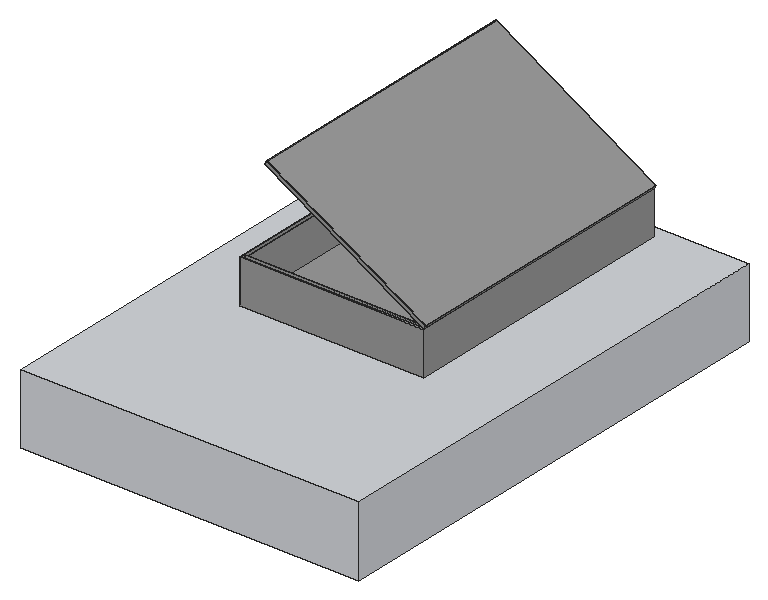
Revit family "Hager-Univers-IP54-D205-H1250-Cl.II-Encl-DE-de", category Equipement électrique, Revit 2020
Family settings
  Hôte = Face
  Configuration du panneau = Deux colonnes, circuits au sein
  Cote de connecteur circulaire = Utiliser le diamètre
  Type d'élément = Tableau de raccordement
  Couper avec des vides une fois chargée = Non
  Partagée = Non
  Point de calcul de pièce = Non
Parameters (values of type "Aufputz IP54 B800 H1250 T205  - FP83SW2")
  Width Control [instance] = if([EF000008 - Breite] > Min Width, [EF000008 - Breite], Min Width)  # 800 mm
  Commentaires du type = [HG000003 - Bereich]  # "Univers"
  Thickness Door [instance] = if([EF009171 - Materialstärke Tür/Deckel] > 3 mm, 3 mm, [EF009171 - Materialstärke Tür/Deckel])  # 1 mm
  Seal Frame Offset [instance] = 17 mm  # constant formula
  Plinth Visibility [instance] = [HG000027 - Sockelhöhe] > 0 mm  # no
  Model = ""
  Min Width [instance] = 100 mm  # constant formula
  Min Height [instance] = 100 mm  # constant formula
  Min Depth [instance] = (2 * [EF009170 - Materialstärke Gehäuse]) + 1 mm  # 3 mm
  Internal Frame Depth [instance] = (Door System Depth * 0.5)  # 9 mm
  Height Control [instance] = if([EF000040 - Höhe] > Min Height, [EF000040 - Höhe], Min Height)  # 1250 mm
  HG000027 - Sockelhöhe = 0 mm
  HG000026 - Stehend auf dem Boden = no
  HG000024 - Höhe des unteren Teils = 800 mm
  HG000023 - Gehäuse mit doppeltem Querschnitt = no
  HG000016 - 3D-Türsichtbarkeit [instance] = yes
  HG000015 - Sichtbarkeit der Türöffnung [instance] = no
  HG000014 - Tür rechts [instance] = yes
  HG000013 - Tür links [instance] = not([HG000014 - Tür rechts])  # no
  HG000012 - Türschwenkwinkel [instance] = 30.00°
  HG000010 - Asymmetrische Türen = no
  HG000009 - Doppelflügeligen Tür = no
  HG000006 - Unterputz = no
  HG000004 - Herstellerreferenz = "FP83SW2"
  HG000003 - Bereich = "Univers"
  HG000002 - Mit tür = yes
  Frame Offset Bottom [instance] = 10 mm  # constant formula
  Frame Offset [instance] = 15 mm  # constant formula
  EF015940 - Deckel mit Überdruckentlastung = no
  EF011959 - Schutzart (NEMA) = ""
  EF009554 - Anzahl der Öffnungen für Flanschplatten = 6
  Fabricant = "Hager"  # constant formula
  EF009212 - Ausführung Deckel = "EV000116 - geschlossen"
  EF009171 - Materialstärke Tür/Deckel = 1 mm
  EF009170 - Materialstärke Gehäuse = 1 mm
  EF008873 - Nennstrom (In) = 250 A
  EF007800 - Geeignet für Blitzschutz = no
  EF006306 - Mit Schloss = no
  EF006244 - Transparenter Deckel/Tür = no
  EF005474 - Schutzart (IP) = "EV006419 - IP54"
  EF004464 - Art der Tür = "EV002646 - Einzel"
  EF004427 - Anzahl der Module = 288
  EF004293 - Schlagfestigkeit = "EV006813 - IK07"
  EF003532 - Geeignet für Außengebrauch = no
  EF002950 - Breite in Teilungseinheiten = 36
  EF001613 - Funktionserhalt = "EV000494 - ohne"
  EF001596 - Werkstoff des Gehäuses = "EV000179 - Stahl"
  EF001131 - Innentiefe = 130 mm
  EF001088 - Anbaumöglichkeit = yes
  EF000437 - Anzahl der Leitungseinführungen = 6
  EF000339 - Art der Abdeckung = "EV004216 - Tür"
  EF000266 - Anzahl der Reihen = 8
  EF000218 - Einbautiefe = 205 mm
  EF000118 - Mit Montageplatte = no
  EF000116 - RAL-Nummer = "9010"
  EF000049 - Tiefe = 205 mm
  EF000040 - Höhe = 1250 mm
  EF000008 - Breite = 800 mm
  EF000007 - Farbe = "EV000202 - weiß"
  EF000003 - Montageart = "EV000384 - Aufputz"
  Door System Leaf Tolerance [instance] = 1.5 mm  # constant formula
  Door System Depth [instance] = 18 mm  # constant formula
  Door Height [instance] = Height Control - [HG000027 - Sockelhöhe]  # 1250 mm
  Depth Control [instance] = if([EF000049 - Tiefe] > Min Depth, [EF000049 - Tiefe], Min Depth)  # 205 mm
  Default Elevation = 0 mm
  Connector Offset [instance] = Height Control / 2  # 625 mm
  Bottom Top Plate Trim [instance] = 1.5 mm  # constant formula
  Plinth height Ctrl [instance] = if([HG000027 - Sockelhöhe] > 0 mm, [HG000027 - Sockelhöhe], 12 mm)  # 12 mm
Types (5, lengths in mm): name | Width Control | HG000010 - Asymmetrische Türen | HG000009 - Doppelflügeligen Tür | HG000004 - Herstellerreferenz | EF009554 - Anzahl der Öffnungen für Flanschplatten | EF004464 - Art der Tür | EF004427 - Anzahl der Module | EF004293 - Schlagfestigkeit | EF002950 - Breite in Teilungseinheiten | EF000437 - Anzahl der Leitungseinführungen | EF000008 - Breite
  Aufputz IP54 B1050 H1250 T205  - FP84SW2 | 1050 | no | yes | "FP84SW2" | 8 | "EV003602 - Doppel" | 384 | "EV006815 - IK09" | 48 | 8 | 1050
  Aufputz IP54 B1300 H1250 T205  - FP85SW2 | 1300 | yes | yes | "FP85SW2" | 10 | "EV003602 - Doppel" | 480 | "EV006815 - IK09" | 60 | 10 | 1300
  Aufputz IP54 B300 H1250 T205  - FP81SW2 | 300 | no | no | "FP81SW2" | 2 | "EV002646 - Einzel" | 96 | "EV006815 - IK09" | 12 | 2 | 300
  Aufputz IP54 B550 H1250 T205  - FP82SW2 | 550 | no | no | "FP82SW2" | 4 | "EV002646 - Einzel" | 192 | "EV006815 - IK09" | 24 | 4 | 550
  Aufputz IP54 B800 H1250 T205  - FP83SW2 | 800 | no | no | "FP83SW2" | 6 | "EV002646 - Einzel" | 288 | "EV006813 - IK07" | 36 | 6 | 800
Reference planes
  plane 1 "Center (Front/Back)": y = 0
  plane 2: z = 0
  plane 3 "Center (Left/Right)": x = 0
  plane 4: z = 205
  plane 5: y = 1
  plane 6: y = 625
  plane 7: y = 0
  plane 8: y = 1250
  plane 9: z = 0
  plane 10: x = -385
  plane 11: x = 385
  plane 12: x = 384
  plane 13: x = -384
  plane 14: y = 1249
  plane 15: x = -383
  plane 16: x = -400
  plane 17: x = 383
  plane 18: x = 400
  plane 19: x = 399
  plane 20: x = -399
  plane 21: y = 11
  plane 22: y = 1250
  plane 23: y = 1234
  plane 24: z = 187
  plane 25: z = 1
  plane 26: z = 186
  plane 27: z = 204
Forms (mm)
  Extrusion 1, solid
    sketch origin (0, 0, 0) x (1, 0, 0) y (0, 1, 0)
      loop
        line (-702.964, 1305) -> (-702.964, -811.445) -> (766.763, -811.445) -> (766.763, 1305) -> (-702.964, 1305)
    from 0 to -304.8
  Extrusion 2, solid, material "Hager_Steel_RAL7035_Light_Grey", visible <- "Plinth Visibility", detail levels medium+fine
    sketch origin (0, 0, 0) x (1, 0, 0) y (0, 1, 0)
      loop
        line (-400, 0) -> (400, 0) -> (400, 12) -> (-400, 12) -> (-400, 0)
    from 0 to 187
  Extrusion 3, solid, material "Hager_Steel_RAL7035_Light_Grey", detail levels medium+fine
    sketch origin (0, 0, 0) x (1, 0, 0) y (0, 1, 0)
      loop
        line (-400, 0) -> (400, 0) -> (400, 1250) -> (-400, 1250) -> (-400, 0)
    from 0 to 187
  Extrusion 4, void
    sketch origin (0, 0, 0) x (1, 0, 0) y (0, 1, 0)
      loop
        line (-399, 1) -> (399, 1) -> (399, 1249) -> (-399, 1249) -> (-399, 1)
    from 1 to 186
  Extrusion 5, void
    sketch origin (-381.607, -4572, 187) x (0, -1, 0) y (-1, 0, 0)
      loop
        line (-4583, 2.393) -> (-5806, 2.393) -> (-5806, -765.607) -> (-4583, -765.607) -> (-4583, 2.393)
    from 0 to 1 <- "EF009170 - Materialstärke Gehäuse"
  Extrusion 6, solid, material "Hager_Steel_RAL7035_Light_Grey", detail levels fine
    sketch origin (0, 0, 187) x (1, 0, 0) y (0, 1, 0)
      loop
        line (-384, 1234) -> (-384, 11) -> (384, 11) -> (384, 1234) -> (-384, 1234)
      loop
        line (-385, 10) -> (385, 10) -> (385, 1235) -> (-385, 1235) -> (-385, 10)
    from 0 to 9 <- "Internal Frame Depth"
  Extrusion 7, solid, material "Hager_Steel_RAL7035_Light_Grey", detail levels coarse
    sketch origin (0, 0, 0) x (1, 0, 0) y (0, 1, 0)
      loop
        line (-400, 0) -> (400, 0) -> (400, 1250) -> (-400, 1250) -> (-400, 0)
    from 0 to 205
  Sweep 8, void
    path in 3D
      loop
        line (-400, 12, 0) -> (400, 12, 0) -> (400, 12, 187) -> (-400, 12, 187) -> (-400, 12, 0)
    profile origin (-400, 12, 93.5) x (-1, 0, 0) y (0, -1, 0)
      loop
        line (0, 0) -> (0, 1.5) -> (-1.5, 1.5)
        arc (-1.5, 1.5) -> (-1.061, 0.439) -> (0, 0) r 1.5
Cuts and joins
  Extrusion 4, Extrusion 5 cuts Extrusion 3
  Sweep 8 cuts Extrusion 2
Lines and regions (mm)
  Masking region 1
    outline origin (0, 0, 0) x (1, 0, 0) y (0, 0, 1)
      loop
        line (-400, 205) -> (-400, 0) -> (400, 0) -> (400, 205) -> (-400, 205)
  Masking region 2, detail levels medium+fine
    outline origin (0, 140, 0) x (0, 1, 0) y (0, 0, 1)
      loop
        line (-140, 0) -> (1110, 0) -> (1110, 187) -> (-140, 187) -> (-140, 0)
  Masking region 3, not visible, detail levels medium+fine
    outline origin (0, 297.922, 0) x (0, 1, 0) y (0, 0, 1)
      loop
        line (338.578, 0) -> (378.578, 0) -> (378.578, 194)
        arc (378.578, 194) -> (375.649, 201.071) -> (368.578, 204) r 10
        line (368.578, 204) -> (338.578, 204) -> (338.578, 0)
  Masking region 4, detail levels coarse
    outline origin (0, 0, 180) x (0, 1, 0) y (0, 0, 1)
      loop
        line (0, -180) -> (1250, -180) -> (1250, 25) -> (0, 25) -> (0, -180)
  Masking region 5, visible <- "Plinth Visibility", detail levels medium+fine
    outline origin (0, 52.24, 12.345) x (0, 0, -1) y (0, 1, 0)
      loop
        line (10.845, -40.24) -> (-173.155, -40.24)
        arc (-173.155, -40.24) -> (-173.594, -41.301) -> (-174.655, -41.74) r 1.5
        line (-174.655, -41.74) -> (-174.655, -52.24) -> (12.345, -52.24) -> (12.345, -41.74)
        arc (12.345, -41.74) -> (11.285, -41.301) -> (10.845, -40.24) r 1.5
  Masking region 6, detail levels medium+fine
    outline origin (-381.607, -4572, 187) x (-1, 0, 0) y (0, -1, 0)
      loop
        line (18.393, -5822) -> (18.393, -4572) -> (-781.607, -4572) -> (-781.607, -5822) -> (18.393, -5822)
  Masking region 7, visible <- "Plinth Visibility", detail levels medium+fine
    outline origin (-381.607, -4727, 187) x (-1, 0, 0) y (0, -1, 0)
      loop
        arc (16.893, -4739) -> (17.332, -4737.939) -> (18.393, -4737.5) r 1.5
        line (18.393, -4737.5) -> (18.393, -4727) -> (-781.607, -4727) -> (-781.607, -4737.5)
        arc (-781.607, -4737.5) -> (-780.546, -4737.939) -> (-780.107, -4739) r 1.5
        line (-780.107, -4739) -> (16.893, -4739)
  Masking region 8, detail levels coarse
    outline origin (-442.548, -4669.526, 187) x (-1, 0, 0) y (0, -1, 0)
      loop
        line (-42.548, -5919.526) -> (-42.548, -4669.526) -> (-842.548, -4669.526) -> (-842.548, -5919.526) -> (-42.548, -5919.526)
  sketch lines
    curve 1: line (-400, 12, 187) -> (-400, 12, 0)
    curve 2: line (400, 12, 187) -> (-400, 12, 187)
    curve 3: line (400, 12, 187) -> (400, 12, 0)
    curve 4: line (-400, 12, 0) -> (400, 12, 0)
Dimensions and locks
  "Depth Control": plane 4 to Extrusion 1
  "HG000027 - Sockelhöhe": plane 1 "Center (Front/Back)" to plane 7
  "EF009170 - Materialstärke Gehäuse": plane 5 to plane 7
  locked: connector elem to plane 3 "Center (Left/Right)"
  equal spacing: plane 8, plane 6, plane 7
  locked: connector elem to plane 6
  "EF009170 - Materialstärke Gehäuse": plane 8 to plane 14
  "EF009170 - Materialstärke Gehäuse": plane 10 to plane 13
  "EF009170 - Materialstärke Gehäuse": plane 12 to plane 11
  "Frame Offset": plane 20 to plane 13
  "Frame Offset": plane 12 to plane 19
  "EF009170 - Materialstärke Gehäuse": plane 16 to plane 20
  "EF009170 - Materialstärke Gehäuse": plane 19 to plane 18
  "Seal Frame Offset": plane 16 to plane 15
  "Seal Frame Offset": plane 17 to plane 18
  "Frame Offset Bottom": plane 21 to plane 5
  "Frame Offset": plane 14 to plane 23
  equal spacing: plane 16, plane 3 "Center (Left/Right)", plane 18
  "Width Control": plane 16 to plane 18
  "EF009170 - Materialstärke Gehäuse": plane 4 to plane 27
  "EF009170 - Materialstärke Gehäuse": plane 24 to plane 26
  "EF009170 - Materialstärke Gehäuse": plane 25 to level
  "Door System Depth": plane 4 to plane 24
  "Height Control": plane 1 "Center (Front/Back)" to Extrusion 7 sketch curve
  "Height Control": Masking region 4 sketch curve to plane 1 "Center (Front/Back)"
  "Height Control": plane 1 "Center (Front/Back)" to plane 22
  "Bottom Top Plate Trim": profile plane to Sweep 8 sketch curve
  "Bottom Top Plate Trim": Sweep 8 sketch curve to profile plane
  "Plinth height Ctrl": plane 1 "Center (Front/Back)" to Extrusion 2 sketch curve
  "Plinth height Ctrl": Masking region 5 sketch curve to plane 1 "Center (Front/Back)"
  "Plinth height Ctrl": plane 1 "Center (Front/Back)" to Masking region 7 sketch curve
  "Thickness Door": Extrusion 6 sketch curve to Extrusion 6 sketch curve  (x3)
  "Thickness Door": cut or joined group of Extrusion 3, Extrusion 4, Extrusion 5 to Extrusion 6 sketch curve
  radius of Masking region 3 sketch curve = 10 mm
  "Bottom Top Plate Trim": radius of Masking region 5 sketch curve  (x2)
  "Bottom Top Plate Trim": radius of Sweep 8 sketch curve
  "Bottom Top Plate Trim": radius of Masking region 7 sketch curve  (x2)
  aligned and locked: plane 2 to Extrusion 1
  aligned and locked: level to Extrusion 1
  aligned and locked: level to Masking region 1 sketch curve
  aligned and locked: Masking region 1 sketch curve to plane 18
  aligned and locked: Masking region 1 sketch curve to plane 16
  aligned and locked: plane 7 to Masking region 2 sketch curve
  aligned and locked: level to Masking region 3 sketch curve
  aligned and locked: Masking region 3 sketch curve to plane 27
  aligned and locked: level to Masking region 2 sketch curve
  aligned and locked: plane 1 "Center (Front/Back)" to Extrusion 2 sketch curve
  aligned and locked: Extrusion 3 sketch curve to plane 7
  aligned and locked: plane 16 to Extrusion 3 sketch curve
  aligned and locked: plane 18 to Extrusion 3 sketch curve
  aligned and locked: plane 20 to Extrusion 4 sketch curve
  aligned and locked: plane 19 to Extrusion 4 sketch curve
  aligned and locked: Extrusion 4 sketch curve to plane 5
  aligned and locked: Extrusion 4 to plane 25
  aligned and locked: plane 26 to Extrusion 4
  aligned and locked: plane 24 to Extrusion 3
  aligned and locked: Extrusion 5 sketch curve to plane 21
  aligned and locked: Extrusion 5 sketch curve to plane 13
  aligned and locked: Extrusion 5 sketch curve to plane 12
  aligned and locked: plane 18 to Extrusion 7 sketch curve
  aligned and locked: plane 1 "Center (Front/Back)" to Extrusion 7 sketch curve
  aligned and locked: plane 16 to Extrusion 7 sketch curve
  aligned and locked: plane 4 to Extrusion 7
  aligned and locked: Extrusion 7 to level
  aligned and locked: level to Masking region 4 sketch curve
  aligned and locked: Masking region 4 sketch curve to plane 1 "Center (Front/Back)"
  aligned and locked: Masking region 4 sketch curve to plane 4
  aligned and locked: nested 1 to level
  aligned and locked: nested 1 to plane 16
  aligned and locked: plane 8 to Extrusion 3 sketch curve
  aligned and locked: plane 23 to Extrusion 5 sketch curve
  aligned and locked: plane 14 to Extrusion 4 sketch curve
  aligned and locked: Masking region 2 sketch curve to plane 8
  aligned and locked: level to Masking region 5 sketch curve
  aligned and locked: plane 16 to Extrusion 2 sketch curve
  aligned and locked: plane 18 to Extrusion 2 sketch curve
  aligned and locked: Masking region 5 sketch curve to plane 24
  aligned and locked: Masking region 2 sketch curve to plane 24
  aligned and locked: plane 24 to Extrusion 2
  aligned and locked: profile plane to Sweep 8 sketch curve  (x2)
  aligned and locked: Masking region 6 sketch curve to plane 18
  aligned and locked: Masking region 6 sketch curve to plane 22
  aligned and locked: Masking region 6 sketch curve to plane 16
  aligned and locked: plane 8 to plane 22
  aligned and locked: Masking region 6 sketch curve to plane 7
  aligned and locked: Masking region 7 sketch curve to plane 16
  aligned and locked: Masking region 7 sketch curve to plane 1 "Center (Front/Back)"
  aligned and locked: Masking region 7 sketch curve to plane 18
  aligned and locked: Masking region 8 sketch curve to plane 1 "Center (Front/Back)"
  aligned and locked: Masking region 8 sketch curve to plane 18
  aligned and locked: Masking region 8 sketch curve to plane 22
  aligned and locked: Masking region 8 sketch curve to plane 16
  aligned and locked: nested 2 to plane 7
  aligned and locked: plane 3 "Center (Left/Right)" to nested 2
  aligned and locked: nested 2 to plane 24
  aligned and locked: Extrusion 6 sketch curve to cut or joined group of Extrusion 3, Extrusion 4, Extrusion 5  (x4)
Automatic sketch dimensions
  Extrusion 1 sketch curve to Extrusion 1 sketch curve = 1469.727 mm
  Extrusion 1 sketch curve to Extrusion 1 sketch curve = 2116.445 mm
  Masking region 1 sketch curve to plane 4 = 0 mm
  plane 6 to Masking region 3 sketch curve = 11.5 mm
  Masking region 3 sketch curve to Masking region 3 sketch curve = 30 mm
  Masking region 5 sketch curve to plane 1 "Center (Front/Back)" = 0 mm
Nested families
  nested 1: "Hager_Enclosure_Symbol" at (-400, 0, 0) x (1, 0, 0) z (0, -1, 0), Height <- "Depth Control", Width <- "Width Control", type "Hager_Enclosure_Symbol"
    with Width_Ctrl 800 mm, Width 800 mm, Height_Ctrl 205 mm, Height 205 mm, A_Width_Int 13.453 mm, A_Width 161.438 mm, A_Height_Ctrl 179.375 mm, A_Height 179.375 mm
  nested 2: "EC000058_Univers_Door" at (0, 0, 187) x (1, 0, 0) z (0, 1, 0), Leaf_Tolerance <- "Door System Leaf Tolerance", Angle <- "HG000012 - Türschwenkwinkel", Door_Depth <- "Door System Depth", Door_Left <- "HG000013 - Tür links", Transparent <- "EF006244 - Transparenter Deckel/Tür", Assymetrical <- "HG000010 - Asymmetrische Türen", Width <- "Width Control", Clearance <- "HG000015 - Sichtbarkeit der Türöffnung", Double <- "HG000009 - Doppelflügeligen Tür", 3d_Door <- "HG000016 - 3D-Türsichtbarkeit", Lock_Visibility <- "EF006306 - Mit Schloss", Width_Ctrl <- "Width Control", Door_Right <- "HG000014 - Tür rechts", Door <- "HG000002 - Mit tür", Height <- "Door Height", Thickness <- "Thickness Door", type "EC000058_Univers_Door", detail levels medium+fine
    with min_wh 3 mm, Width_Ctrl 800 mm, Width 800 mm, Transparent no, Thickness 1 mm, Seal_Material Hager_Rubber, Lock_Visibility no, Lock_Material Hager_Plastic_RAL9005_Jet_Black, Leaf_Width 800 mm, Leaf_Tolerance_External_Sides 0 mm, Leaf_Tolerance 1.5 mm, Leaf_Offset 0 mm, Leaf_Height 1247 mm, Leaf_2_Width 800 mm, Leaf_2_Offset 400 mm, Leaf_1_Width 800 mm, Leaf_1_Offset 400 mm, Height_Ctrl 1250 mm, Height 1250 mm, Glass_Material Hager_Glass, Double_Clearance_Ctrl no, Double no, Door_Right_Ctrl yes, Door_Right yes, Door_Material Hager_Steel_RAL7035_Light_Grey, Door_Left_Ctrl no, Door_Left no, Door_Depth 18 mm, Door yes, Clearance_Material Hager_Clearance, Clearance_Depth 800 mm, Clearance_Ctrl no, Clearance no, Assymetrical no, Angle 30.00°, 3d_Door yes
Connectors
  electrical at (0, 625, 0)
    settings: on plane 9, index 1, voltage 0 V, apparent load 0 VA, apparent load phase1 0 VA, apparent load phase2 0 VA, apparent load phase3 0 VA, power factor 1, load classification "Other", number of poles 1, system type 30, power factor state 1, is connector primary yes, connector utility no, sub classification motor no, connector description ""
Definition of nested family "EC000058_Univers_Door"
  Parameters (values of type "EC000058_Univers_Door")
    min_wh [instance] = (2 * Thickness) + 1 mm  # 11 mm
    Width_Ctrl [instance] = 400 mm
    Width [instance] = 500 mm
    Transparent [instance] = yes
    Thickness [instance] = 5 mm
    Seal_Material [instance] = none
    Lock_Visibility [instance] = yes
    Lock_Material [instance] = none
    Leaf_Width [instance] = if((Width_Ctrl - 2 * Leaf_Tolerance_External_Sides) > 0 mm, (Width_Ctrl - 2 * Leaf_Tolerance_External_Sides), min_wh)  # 400 mm
    Leaf_Tolerance_External_Sides [instance] = 0 mm  # constant formula
    Leaf_Tolerance [instance] = 1.5 mm
    Leaf_Offset [instance] = 0 mm  # constant formula
    Leaf_Height [instance] = if((Height_Ctrl - 2 * Leaf_Tolerance) > 0 mm, (Height_Ctrl - 2 * Leaf_Tolerance), min_wh)  # 497 mm
    Leaf_2_Width [instance] = if(and(and(Double, Assymetrical), Door_Left), (Leaf_Width / 3) - (Leaf_Tolerance / 2), if(and(and(Double, Assymetrical), Door_Right), (Leaf_Width / 3) * 2 - (Leaf_Tolerance / 2), if(and(Double, not(Assymetrical)), (Leaf_Width / 2) - Leaf_Tolerance, Leaf_Width)))  # 400 mm
    Leaf_2_Offset [instance] = if(and(Double, Assymetrical), Leaf_2_Width / 2, if(and(Double, not(Assymetrical)), Leaf_Width / 4, Leaf_Width / 2))  # 200 mm
    Leaf_1_Width [instance] = if(and(and(Double, Assymetrical), Door_Right), (Leaf_Width / 3) - (Leaf_Tolerance / 2), if(and(and(Double, Assymetrical), Door_Left), (Width / 3) * 2 - (Leaf_Tolerance / 2), if(and(Double, not(Assymetrical)), (Leaf_Width / 2) - Leaf_Tolerance, Leaf_Width)))  # 400 mm
    Leaf_1_Offset [instance] = if(and(Double, Assymetrical), Leaf_1_Width / 2, if(and(Double, not(Assymetrical)), Leaf_Width / 4, Leaf_Width / 2))  # 200 mm
    Height_Ctrl [instance] = if(Height > min_wh, Height, min_wh)  # 500 mm
    Height [instance] = 500 mm
    Glass_Material [instance] = none
    Double_Clearance_Ctrl [instance] = and(Double, Clearance)  # no
    Double [instance] = no
    Door_Right_Ctrl [instance] = and(or(Door_Right, Double), Door)  # yes
    Door_Right [instance] = yes
    Door_Material [instance] = none
    Door_Left_Ctrl [instance] = and(or(Door_Left, Double), Door)  # no
    Door_Left [instance] = no
    Door_Depth [instance] = 30 mm
    Door [instance] = yes
    Default Elevation = 1219.2 mm
    Clearance_Material [instance] = none
    Clearance_Depth [instance] = if(Leaf_1_Width > Leaf_2_Width, Leaf_1_Width, Leaf_2_Width)  # 400 mm
    Clearance_Ctrl [instance] = and(not(Double), Clearance)  # yes
    Clearance [instance] = yes
    Assymetrical [instance] = yes
    Angle [instance] = 30.00°
    3d_Door [instance] = yes
  Reference planes
    plane 1 "Center (Front/Back)": y = 0
    plane 2 "Bottom": z = 0
    plane 3 "Center (Left/Right)": x = 0
    plane 4: z = 500
    plane 5: x = -200
    plane 6: x = 200
    plane 7: z = 500
    plane 8: x = -200
    plane 9: z = 0
    plane 10: x = 200
    plane 11: y = 0
    plane 12: z = 1.5
    plane 13: x = -600
    plane 14: y = -400
    plane 15: x = 600
    plane 16: x = 0
    plane 17: x = 0
    plane 18: x = -200
    plane 19: x = 200
    plane 20: z = 498.5
  Forms (mm)
    Extrusion 1, solid, material <- "Clearance_Material", visible <- "Double_Clearance_Ctrl"
      sketch origin (1200, 0, 0) x (1, 0, 0) y (0, 0, -1)
        loop
          line (-1800, -498.5) -> (-600, -498.5) -> (-600, 0) -> (-1800, 0) -> (-1800, -498.5)
      from 0 to -400
  Dimensions and locks
    equal spacing: plane 5, plane 3 "Center (Left/Right)", plane 6
    "Width_Ctrl": plane 5 to plane 6
    "Leaf_Offset": plane 5 to plane 8
    "Leaf_Offset": plane 6 to plane 10
    "Leaf_Offset": plane 9 to level
    "Leaf_Offset": plane 4 to plane 7
    "Height_Ctrl": plane 4 to level
    "Leaf_Tolerance": plane 12 to plane 9
    locked: plane 11 to plane 1 "Center (Front/Back)"
    "Leaf_1_Offset": plane 18 to plane 16
    "Leaf_2_Offset": plane 17 to plane 19
    "Leaf_1_Width": plane 13 to plane 8
    "Leaf_2_Width": plane 10 to plane 15
    "Clearance_Depth": plane 14 to plane 1 "Center (Front/Back)"
    "Leaf_Tolerance_External_Sides": plane 8 to plane 18
    "Leaf_Tolerance_External_Sides": plane 19 to plane 10
    "Leaf_Tolerance": plane 7 to plane 20
    aligned and locked: level to plane 2 "Bottom"
    aligned and locked: nested 1 to plane 16
    aligned and locked: nested 2 to plane 17
    aligned and locked: Extrusion 1 to plane 13
    aligned and locked: plane 15 to Extrusion 1
    aligned and locked: Extrusion 1 to plane 14
    aligned and locked: plane 12 to nested 1
    aligned and locked: nested 2 to plane 12
    aligned and locked: Extrusion 1 to plane 11
    aligned and locked: plane 20 to Extrusion 1
    aligned and locked: nested 2 to plane 11
    aligned and locked: nested 1 to plane 11
  Automatic sketch dimensions
    Extrusion 1 sketch curve to level = 0 mm
    plane 5 to Extrusion 1 sketch curve = 400 mm
    plane 6 to Extrusion 1 sketch curve = 400 mm
    Extrusion 1 sketch curve to plane 4 = 1.5 mm
  Nested families
    nested 1: "EC000058_Univers_Door_Leaf" at (0, 0, 1.5), Width <- "Leaf_1_Width", visible <- "Door_Left_Ctrl", Leaf_Height <- "Leaf_Height", Angle <- "Angle", 3d_Door <- "3d_Door", Transparent <- "Transparent", Clearance Material <- "Clearance_Material", Clearance <- "Clearance_Ctrl", Door_Material <- "Door_Material", Glass_Material <- "Glass_Material", Door_Depth <- "Door_Depth", Lock_Material <- "Lock_Material", Seal_Material <- "Seal_Material", Lock_Visibility <- "Lock_Visibility", Thickness <- "Thickness", type "EC000058_Univers_Door_Leaf"
      with Width 400 mm, Transparent_Glass_Offset 30 mm, Transparent_Ctrl yes, Transparent yes, Thickness 5 mm, Standard no, Seal_Material none, Seal_D2 8 mm, Seal_D1 1 mm, Offset_Internal_Frame 10 mm, Lock_Width 20 mm, Lock_Visibility_3d yes, Lock_Visibility yes, Lock_Thickness_3 3 mm, Lock_Thickness_2 1 mm, Lock_Thickness_1 3 mm, Lock_Radius_Offset_2 16 mm, Lock_Radius_Offset_1 15 mm, Lock_Radius_2 5 mm, Lock_Radius 6 mm, Lock_Offset 5 mm, Lock_Material none, Lock_Height 80 mm, Lock_Cover_Top_Offset_2d 17 mm, Lock_Cover_Height -65 mm, Leaf_Height 497 mm, Internal_Seal_Thickness 8 mm, Internal_Seal_Depth_2 4.5 mm, Internal_Frame_Depth 25 mm, Glass_Thickness -1 mm, Glass_Offset -2 mm, Glass_Material none, Door_Material none, Door_Depth 30 mm, Clearance Material none, Clearance yes, Angle_Ctrl 30.00°, Angle 30.00°, 3d_Door yes
    nested 2: "EC000058_Univers_Door_Leaf" at (0, 0, 1.5) x (-1, 0, 0) z (0, 0, 1), Width <- "Leaf_2_Width", visible <- "Door_Right_Ctrl", Leaf_Height <- "Leaf_Height", Angle <- "Angle", 3d_Door <- "3d_Door", Transparent <- "Transparent", Clearance Material <- "Clearance_Material", Clearance <- "Clearance_Ctrl", Door_Material <- "Door_Material", Glass_Material <- "Glass_Material", Door_Depth <- "Door_Depth", Lock_Material <- "Lock_Material", Seal_Material <- "Seal_Material", Lock_Visibility <- "Lock_Visibility", Thickness <- "Thickness", type "EC000058_Univers_Door_Leaf"
      with Width 400 mm, Transparent_Glass_Offset 30 mm, Transparent_Ctrl yes, Transparent yes, Thickness 5 mm, Standard no, Seal_Material none, Seal_D2 8 mm, Seal_D1 1 mm, Offset_Internal_Frame 10 mm, Lock_Width 20 mm, Lock_Visibility_3d yes, Lock_Visibility yes, Lock_Thickness_3 3 mm, Lock_Thickness_2 1 mm, Lock_Thickness_1 3 mm, Lock_Radius_Offset_2 16 mm, Lock_Radius_Offset_1 15 mm, Lock_Radius_2 5 mm, Lock_Radius 6 mm, Lock_Offset 5 mm, Lock_Material none, Lock_Height 80 mm, Lock_Cover_Top_Offset_2d 17 mm, Lock_Cover_Height -65 mm, Leaf_Height 497 mm, Internal_Seal_Thickness 8 mm, Internal_Seal_Depth_2 4.5 mm, Internal_Frame_Depth 25 mm, Glass_Thickness -1 mm, Glass_Offset -2 mm, Glass_Material none, Door_Material none, Door_Depth 30 mm, Clearance Material none, Clearance yes, Angle_Ctrl 30.00°, Angle 30.00°, 3d_Door yes
  Definition of nested family "EC000058_Univers_Door_Leaf"
    Parameters (values of type "EC000058_Univers_Door_Leaf")
      Width [instance] = 2000 mm
      Transparent_Glass_Offset [instance] = 30 mm
      Transparent_Ctrl [instance] = and(Transparent, [3d_Door])  # yes
      Transparent [instance] = yes
      Thickness [instance] = 5 mm
      Standard [instance] = and(not(Transparent), [3d_Door])  # no
      Seal_Material [instance] = none
      Seal_D2 [instance] = 8 mm  # constant formula
      Seal_D1 [instance] = 1 mm  # constant formula
      Offset_Internal_Frame [instance] = 10 mm  # constant formula
      Lock_Width [instance] = 20 mm  # constant formula
      Lock_Visibility_3d [instance] = and(Lock_Visibility, [3d_Door])  # yes
      Lock_Visibility [instance] = yes
      Lock_Thickness_3 [instance] = 3 mm  # constant formula
      Lock_Thickness_2 [instance] = 1 mm  # constant formula
      Lock_Thickness_1 [instance] = 3 mm  # constant formula
      Lock_Radius_Offset_2 [instance] = Lock_Radius_Offset_1 + 1 mm  # 16 mm
      Lock_Radius_Offset_1 [instance] = 15 mm  # constant formula
      Lock_Radius_2 [instance] = Lock_Radius - 1 mm  # 5 mm
      Lock_Radius [instance] = 6 mm  # constant formula
      Lock_Offset [instance] = 5 mm  # constant formula
      Lock_Material [instance] = none
      Lock_Height [instance] = 80 mm  # constant formula
      Lock_Cover_Top_Offset_2d [instance] = Lock_Radius_Offset_2 + 1 mm  # 17 mm
      Lock_Cover_Height [instance] = -(Lock_Height - Lock_Radius_Offset_1)  # -65 mm
      Leaf_Height [instance] = 2720.336 mm
      Internal_Seal_Thickness [instance] = 8 mm  # constant formula
      Internal_Seal_Depth_2 [instance] = 4.5 mm  # constant formula
      Internal_Frame_Depth [instance] = if(Door_Depth - Thickness > 5 mm, Door_Depth - Thickness, 5 mm)  # 25 mm
      Glass_Thickness [instance] = if(Thickness > 15 mm, Glass_Offset + 10 mm, -1 mm)  # -1 mm
      Glass_Offset [instance] = if(Thickness > 15 mm, -(Thickness + 10 mm) / 2, -2 mm)  # -2 mm
      Glass_Material [instance] = none
      Door_Material [instance] = none
      Door_Depth [instance] = 30 mm
      Default Elevation = 0 mm
      Clearance Material [instance] = none
      Clearance [instance] = yes
      Angle_Ctrl [instance] = if(Angle > 180.00°, 180.00°, Angle)  # 90.00°
      Angle [instance] = 90.00°
      3d_Door [instance] = yes
    Reference planes
      plane 1 "Center (Front/Back)": y = 0
      plane 2: z = 0
      plane 3 "Center (Left/Right)": x = 0
      plane 4: y = 2000
      plane 5: x = -1000
      plane 6: x = 1000
      plane 7: x = -3000
      plane 8: z = 2720.336
      plane 9: z = 30
      plane 10: z = 2690.336
      plane 11: x = 970
      plane 12: x = -970
      plane 13: y = -3
      plane 14: z = 107.833
      plane 15: y = -5
      plane 16: y = -223.314
      plane 17: x = -1000
      plane 18: z = 1360.168
      plane 19: y = 30
    Forms (mm)
      Extrusion 1, solid, material <- "Clearance Material", visible <- "Clearance"
        sketch origin (0, 0, 0) x (1, 0, 0) y (0, 0, 1)
          loop
            line (-3000, 2720.336) -> (-3000, 0) -> (1000, 0) -> (1000, 2720.336) -> (-3000, 2720.336)
        from 0 to -2000
      Extrusion 2, solid, material <- "Door_Material", visible <- "Standard", detail levels medium+fine
        sketch origin (-1000, 0, 0) x (0, 1, 0) y (-1, 0, 0)
          loop
            line (0, 30) -> (0, 25) -> (2000, 25) -> (2000, 30) -> (0, 30)
        from 0 to 2720.336 <- "Leaf_Height"
      Extrusion 3, solid, material <- "Door_Material", visible <- "Transparent_Ctrl", detail levels medium+fine
        sketch origin (-1000, 0, 0) x (0, 1, 0) y (-1, 0, 0)
          loop
            line (0, 25) -> (2000, 25) -> (2000, 30) -> (0, 30) -> (0, 25)
        from 0 to 2720.336 <- "Leaf_Height"
      Extrusion 4, void
        sketch origin (-1025, 2000, 0) x (0, 1, 0) y (0, 0, -1)
          loop
            line (-30, -2690.336) -> (-30, -30) -> (-1970, -30) -> (-1970, -2690.336) -> (-30, -2690.336)
        from 0 to 5 <- "Thickness"
      Sweep 5, solid, material <- "Seal_Material", visible <- "Transparent_Ctrl", detail levels fine
        path in 3D
          loop
            line (-1025, 30, 30) -> (-1025, 30, 2690.336) -> (-1025, 1970, 2690.336) -> (-1025, 1970, 30) -> (-1025, 30, 30)
        profile origin (-1025, 1000, 30) x (1, 0, 0) y (0, 0, 1)
          loop
            line (0, 0) -> (0, -8) -> (1, -8) -> (1, 0) -> (0, 0)
      Extrusion 6, solid, material <- "Glass_Material", visible <- "Transparent_Ctrl", detail levels medium+fine
        sketch origin (-1030, 0, 0) x (0, 1, 0) y (0, 0, -1)
          loop
            line (1970, -2690.336) -> (1970, -30) -> (30, -30) -> (30, -2690.336) -> (1970, -2690.336)
        from -2 <- "Glass_Offset" to -1 <- "Glass_Thickness"
      Extrusion 7, solid, material <- "Door_Material", visible <- "3d_Door", detail levels medium+fine
        sketch origin (-1025, 2000, 0) x (0, -1, 0) y (0, 0, -1)
          loop
            line (0, -2720.336) -> (2000, -2720.336) -> (2000, 0) -> (0, 0) -> (0, -2720.336)
          loop
            line (1995, -5) -> (5, -5) -> (5, -2715.336) -> (1995, -2715.336) -> (1995, -5)
        from 0 to 25 <- "Internal_Frame_Depth"
      Sweep 8, solid, material <- "Seal_Material", visible <- "Transparent_Ctrl", detail levels fine
        path in 3D
          loop
            line (-1025, 0, 0) -> (-1025, 2000, 0) -> (-1025, 2000, 2720.336) -> (-1025, 0, 2720.336) -> (-1025, 0, 0)
        profile origin (-1025, 0, 1360.168) x (1, 0, 0) y (0, 1, 0)
          loop
            line (0, 10) -> (2.975, 10)
            arc (2.975, 10) -> (4.053, 10.447) -> (4.5, 11.525) r 1.525
            line (4.5, 11.525) -> (4.5, 16.527)
            arc (4.5, 16.527) -> (4.069, 17.569) -> (3.027, 18) r 1.473
            line (3.027, 18) -> (0, 18) -> (0, 10)
      Extrusion 9, solid, material <- "Lock_Material", visible <- "Lock_Visibility_3d", detail levels fine
        sketch origin (-1030, 0, 0) x (0, 1, 0) y (0, 0, -1)
          loop
            arc (1993.5, -1400.168) -> (1994.561, -1399.729) -> (1995, -1398.668) r 1.5
            line (1995, -1398.668) -> (1995, -1320.168) -> (1975, -1320.168) -> (1975, -1398.668)
            arc (1975, -1398.668) -> (1975.439, -1399.729) -> (1976.5, -1400.168) r 1.5
            line (1976.5, -1400.168) -> (1993.5, -1400.168)
        from 3 <- "Lock_Thickness_1" to 0
      Blend 10, solid, material <- "Lock_Material", visible <- "Lock_Visibility_3d", detail levels fine
        base sketch origin (-1033, 0, 0) x (0, 1, 0) y (0, 0, -1)
          loop
            line (1975, -1320.168) -> (1975, -1398.668)
            arc (1975, -1398.668) -> (1975.439, -1399.729) -> (1976.5, -1400.168) r 1.5
            line (1976.5, -1400.168) -> (1993.5, -1400.168)
            arc (1993.5, -1400.168) -> (1994.561, -1399.729) -> (1995, -1398.668) r 1.5
            line (1995, -1398.668) -> (1995, -1320.168) -> (1975, -1320.168)
        top sketch origin (-1033, 0, 0) x (0, 1, 0) y (0, 0, -1)
          loop
            line (1976, -1320.168) -> (1976, -1398.668)
            arc (1976, -1398.668) -> (1976.146, -1399.022) -> (1976.5, -1399.168) r 0.5
            line (1976.5, -1399.168) -> (1993.5, -1399.168)
            arc (1993.5, -1399.168) -> (1993.854, -1399.022) -> (1994, -1398.668) r 0.5
            line (1994, -1398.668) -> (1994, -1320.168) -> (1976, -1320.168)
        from 0 to 1 <- "Lock_Thickness_2"
      Blend 11, solid, material <- "Lock_Material", visible <- "Lock_Visibility_3d", detail levels fine
        base sketch origin (-1034, 0, 0) x (0, 1, 0) y (0, 0, -1)
          loop
            line (1978, -1320.168) -> (1978, -1384.168)
            arc (1978, -1384.168) -> (1985, -1391.168) -> (1992, -1384.168) r 7
            line (1992, -1384.168) -> (1992, -1320.168) -> (1978, -1320.168)
        top sketch origin (-1034, 0, 0) x (0, 1, 0) y (0, 0, -1)
          loop
            line (1991, -1320.168) -> (1979, -1320.168) -> (1979, -1383.168)
            arc (1979, -1383.168) -> (1985, -1389.168) -> (1991, -1383.168) r 6
            line (1991, -1383.168) -> (1991, -1320.168)
        from 0 to 3 <- "Lock_Thickness_3"
      Extrusion 12, solid, material <- "Lock_Material", visible <- "Lock_Visibility_3d", detail levels fine
        sketch origin (-1030, 1975, 1320.168) x (1, 0, 0) y (0, -1, 0)
          loop
            line (-7, -19) -> (-7, -1) -> (0, -1) -> (0, 0) -> (-8, 0) -> (-8, -20) -> (0, -20) -> (0, -19) -> (-7, -19)
        from 0 to -65 <- "Lock_Cover_Height"
      Extrusion 13, void
        sketch origin (-1038, 1995, 1320.168) x (-1, 0, 0) y (0, 0, -1)
          loop
            line (-5, -65) -> (0, -65) -> (-5, -60) -> (-5, -65)
        from 0 to 20 <- "Lock_Width"
      Extrusion 14, void
        sketch origin (-1038, 1975, 1320.168) x (0, -1, 0) y (0, 0, -1)
          loop
            circle (-10, -15.995) r 6
          loop
            circle (-10, -15.995) r 5
        from 0 to 2
      Extrusion 15, solid, material <- "Lock_Material", visible <- "Lock_Visibility_3d", detail levels medium
        sketch origin (-1030, 0, 0) x (0, 1, 0) y (0, 0, -1)
          loop
            arc (1993.5, -1400.168) -> (1994.561, -1399.729) -> (1995, -1398.668) r 1.5
            line (1995, -1398.668) -> (1995, -1320.168) -> (1975, -1320.168) -> (1975, -1398.668)
            arc (1975, -1398.668) -> (1975.439, -1399.729) -> (1976.5, -1400.168) r 1.5
            line (1976.5, -1400.168) -> (1993.5, -1400.168)
        from 8 to 0
    Cuts and joins
      Extrusion 4 cuts Extrusion 3
      Extrusion 13, Extrusion 14 cuts Extrusion 9
      Extrusion 14 cuts Blend 11
      Extrusion 13, Extrusion 14 cuts Extrusion 12
      joined: Extrusion 9, Blend 10, Blend 11, Extrusion 12
      Extrusion 14 cuts Extrusion 15
    Lines and regions (mm)
      Masking region 1, visible <- "Lock_Visibility", detail levels fine
        outline origin (0, 0, 0) x (0, 1, 0) y (0, 0, 1)
          loop
            line (30, 1320.168) -> (33, 1320.168) -> (33, 1400.168) -> (30, 1400.168) -> (30, 1320.168)
      Masking region 2, visible <- "Lock_Visibility", detail levels fine
        outline origin (0, 3.143, 0) x (0, 1, 0) y (0, 0, 1)
          loop
            line (29.857, 1354.168) -> (30.857, 1354.168) -> (30.857, 1366.168) -> (29.857, 1366.168) -> (29.857, 1354.168)
      Masking region 3, detail levels medium+fine
        outline origin (0, 0, 0) x (0, 1, 0) y (0, 0, 1)
          loop
            line (0, 0) -> (30, 0) -> (30, 2720.336) -> (0, 2720.336) -> (0, 0)
      Masking region 4, detail levels medium+fine
        outline origin (0, 0, 0) x (1, 0, 0) y (0, 0, 1)
          loop
            line (-1000, 2720.336) -> (-1000, 0) -> (1000, 0) -> (1000, 2720.336) -> (-1000, 2720.336)
      Masking region 5, visible <- "Lock_Visibility", detail levels fine
        outline origin (-47.116, 0, 0) x (1, 0, 0) y (0, 0, 1)
          loop
            arc (1024.616, 1399.168) -> (1023.556, 1398.729) -> (1023.116, 1397.668) r 1.5
            line (1023.116, 1397.668) -> (1023.116, 1320.168) -> (1041.116, 1320.168) -> (1041.116, 1397.668)
            arc (1041.116, 1397.668) -> (1040.677, 1398.729) -> (1039.616, 1399.168) r 1.5
            line (1039.616, 1399.168) -> (1024.616, 1399.168)
      Masking region 6, visible <- "Lock_Visibility", detail levels medium+fine
        outline origin (-25, 0, 0) x (1, 0, 0) y (0, 0, 1)
          loop
            arc (1001.5, 1400.168) -> (1000.439, 1399.729) -> (1000, 1398.668) r 1.5
            line (1000, 1398.668) -> (1000, 1320.168) -> (1020, 1320.168) -> (1020, 1398.668)
            arc (1020, 1398.668) -> (1019.561, 1399.729) -> (1018.5, 1400.168) r 1.5
            line (1018.5, 1400.168) -> (1001.5, 1400.168)
      Masking region 7, visible <- "Lock_Visibility", detail levels fine
        outline origin (-73.735, 0, 0) x (1, 0, 0) y (0, 0, 1)
          loop
            line (1051.735, 1382.168) -> (1065.735, 1382.168) -> (1065.735, 1384.168)
            arc (1065.735, 1384.168) -> (1058.735, 1391.168) -> (1051.735, 1384.168) r 7
            line (1051.735, 1384.168) -> (1051.735, 1382.168)
      Masking region 8, visible <- "Lock_Visibility", detail levels fine
        outline origin (-73.735, 0, 0) x (1, 0, 0) y (0, 0, 1)
          loop
            line (1052.735, 1382.168) -> (1064.735, 1382.168) -> (1064.735, 1383.168)
            arc (1064.735, 1383.168) -> (1058.735, 1389.168) -> (1052.735, 1383.168) r 6
            line (1052.735, 1383.168) -> (1052.735, 1382.168)
      Masking region 9, visible <- "Lock_Visibility", detail levels fine
        outline origin (-25, 0, 0) x (1, 0, 0) y (0, 0, 1)
          loop
            line (1020, 1320.168) -> (1020, 1382.168) -> (1000, 1382.168) -> (1000, 1320.168) -> (1020, 1320.168)
      Masking region 10, detail levels medium+fine
        outline origin (0, 0, 0) x (1, 0, 0) y (0, 0, 1)
          loop
            circle (985, 1335.144) r 6
      Masking region 11, detail levels fine
        outline origin (0, 0, 0) x (1, 0, 0) y (0, 0, 1)
          loop
            circle (985, 1335.144) r 5
      Masking region 12, visible <- "Lock_Visibility", detail levels fine
        outline origin (0, 12.767, 0) x (0, 1, 0) y (0, 0, 1)
          loop
            line (20.233, 1320.168) -> (21.233, 1320.168) -> (21.233, 1399.168) -> (20.233, 1400.168) -> (20.233, 1320.168)
      Masking region 13, visible <- "Lock_Visibility", detail levels fine
        outline origin (0, 13.767, -10) x (0, 1, 0) y (0, 0, 1)
          loop
            line (20.233, 1330.168) -> (23.233, 1330.168) -> (23.233, 1399.168) -> (20.233, 1402.168) -> (20.233, 1330.168)
      Masking region 14, visible <- "Lock_Visibility", detail levels fine
        outline origin (0, 12.767, -10) x (0, 1, 0) y (0, 0, 1)
          loop
            line (20.233, 1330.168) -> (25.233, 1330.168) -> (25.233, 1399.305) -> (20.233, 1394.305) -> (20.233, 1330.168)
      Masking region 15, visible <- "Lock_Visibility", detail levels medium
        outline origin (0, 0, 0) x (0, 1, 0) y (0, 0, 1)
          loop
            line (30, 1320.168) -> (38, 1320.168) -> (38, 1400.168) -> (30, 1400.168) -> (30, 1320.168)
      Masking region 16, visible <- "Lock_Visibility", detail levels fine
        outline origin (-1000, 0, 0) x (0, 1, 0) y (-1, 0, 0)
          loop
            line (1975, 30) -> (1995, 30) -> (1995, 38) -> (1975, 38) -> (1975, 30)
          loop
            line (1979, 37) -> (1976, 37) -> (1976, 34) -> (1978, 34) -> (1979, 37)
          loop
            line (1994, 37) -> (1991, 37) -> (1992, 34) -> (1994, 34) -> (1994, 37)
      Masking region 17, visible <- "Lock_Visibility", detail levels medium
        outline origin (-1000, 0, 0) x (0, 1, 0) y (-1, 0, 0)
          loop
            line (1975, 30) -> (1995, 30) -> (1995, 38) -> (1975, 38) -> (1975, 30)
      symbolic lines
        curve 1: line (1000, 0, 0) -> (-3000, 0, 0)
        curve 2: arc (1000, 0, 0) -> (-1000, 2000, 0) -> (-3000, 0, 0) r 2000
        curve 4: line (-1030, 0, 0) -> (-1030, 2000, 0)
      reference lines
        curve 3: line (-1000, 0, 0) -> (-1000, 2000, 0)
      symbolic lines, detail levels medium+fine
        curve 5: line (-1030, 2000, 0) -> (-1025, 2000, 0)
        curve 7: line (-1025, 0, 0) -> (-1030, 0, 0)
        curve 8: line (-1025, 0, 0) -> (-1000, 0, 0)
        curve 9: line (-1000, 0, 0) -> (-1000, 2000, 0)
        curve 10: line (-1000, 2000, 0) -> (-1025, 2000, 0)
      symbolic lines, detail levels fine
        curve 6: line (-1025, 2000, 0) -> (-1025, 0, 0)
      sketch lines
        curve 11: line (-1025, 0, 2720.336) -> (-1025, 0, 0)
        curve 12: line (-1025, 2000, 0) -> (-1025, 0, 0)
        curve 13: line (-1025, 2000, 2720.336) -> (-1025, 2000, 0)
        curve 14: line (-1025, 0, 2720.336) -> (-1025, 2000, 2720.336)
        curve 15: line (-1025, 1970, 30) -> (-1025, 30, 30)
        curve 16: line (-1025, 30, 30) -> (-1025, 30, 2690.336)
        curve 17: line (-1025, 1970, 2690.336) -> (-1025, 1970, 30)
        curve 18: line (-1025, 30, 2690.336) -> (-1025, 1970, 2690.336)
      symbolic lines, visible <- "Transparent", detail levels medium+fine
        curve 19: line (-970, 0, 2690.336) -> (970, 0, 2690.336)
        curve 20: line (-970, 0, 30) -> (-970, 0, 2690.336)
        curve 21: line (970, 0, 30) -> (-970, 0, 30)
        curve 22: line (970, 0, 2690.336) -> (970, 0, 30)
    Dimensions and locks
      "Width": plane 1 "Center (Front/Back)" to plane 4
      equal spacing: plane 5, plane 3 "Center (Left/Right)", plane 6
      "Width": plane 5 to plane 6
      "Width": plane 7 to plane 5
      "Leaf_Height": plane 8 to level
      "Width": curve 5 to curve 3
      "Width": curve 3 to curve 3
      plane 8 to plane 10 = 30 mm
      plane 9 to level = 30 mm
      plane 12 to plane 5 = 30 mm
      plane 6 to plane 11 = 30 mm
      Extrusion 1 to Extrusion 4 sketch curve = 30 mm
      "Transparent_Glass_Offset": curve 3 to Extrusion 4 sketch curve
      "Transparent_Glass_Offset": Extrusion 4 sketch curve to cut or joined group of Extrusion 3, Extrusion 4  (x2)
      cut or joined group of Extrusion 3, Extrusion 4 to Extrusion 6 sketch curve = 30 mm
      "Transparent_Glass_Offset": cut or joined group of Extrusion 3, Extrusion 4 to Extrusion 4 sketch curve
      "Thickness": curve 6 to curve 4
      "Thickness": Extrusion 7 sketch curve to Extrusion 7 sketch curve  (x4)
      "Door_Depth": curve 4 to curve 3
      "Offset_Internal_Frame": profile plane to Sweep 8 sketch curve
      "Internal_Seal_Thickness": Sweep 8 sketch curve to Sweep 8 sketch curve
      "Internal_Seal_Depth_2": profile plane to Sweep 8 sketch curve
      "Seal_D1": profile plane to Sweep 5 sketch curve
      "Seal_D2": profile plane to Sweep 5 sketch curve
      "Thickness": Extrusion 2 sketch curve to Extrusion 2 sketch curve
      equal spacing: Extrusion 9 sketch curve, plane 18, Extrusion 9 sketch curve  (x2)
      equal spacing: Masking region 1 sketch curve, plane 18, Masking region 1 sketch curve
      "Lock_Height": Masking region 1 sketch curve to Masking region 1 sketch curve
      "Lock_Radius": Masking region 2 sketch curve to plane 18 to Masking region 2 sketch curve
      Masking region 2 sketch curve to Masking region 1 = 1 mm
      "Door_Depth": plane 19 to plane 1 "Center (Front/Back)"
      "Lock_Thickness_1": Masking region 1 sketch curve to plane 19
      "Lock_Width": Extrusion 9 sketch curve to Extrusion 9 sketch curve
      "Lock_Height": Extrusion 9 sketch curve to Extrusion 9 sketch curve
      "Lock_Offset": cut or joined group of Extrusion 3, Extrusion 4 to Extrusion 9 sketch curve
      equal spacing: plane 8, plane 18, level
      "Lock_Radius_Offset_1": Blend 11 sketch curve to Blend 10
      locked: Blend 10 to Blend 11 sketch curve at 2  (x2)
      locked: var sketch to Blend 11 sketch curve at 1  (x2)
      "Lock_Radius_Offset_2": Blend 11 sketch curve to Blend 10
      locked: Extrusion 12 sketch curve to Extrusion 12 sketch curve at 1  (x3)
      Masking region 6 sketch curve to Masking region 6 sketch curve = 80 mm
      "Lock_Height": Masking region 6 sketch curve to Masking region 6 sketch curve
      "Lock_Width": Masking region 6 sketch curve to Masking region 6 sketch curve
      locked: Masking region 6 to Masking region 5 sketch curve at 1  (x3)
      locked: Masking region 5 to Masking region 7 sketch curve at 2  (x2)
      "Lock_Radius_Offset_1": Masking region 5 to Masking region 7 sketch curve
      "Lock_Radius_Offset_2": Masking region 5 to Masking region 8 sketch curve
      locked: Masking region 7 to Masking region 8 sketch curve at 1  (x2)
      "Lock_Cover_Top_Offset_2d": Masking region 5 to Masking region 9 sketch curve
      equal spacing: Masking region 9, Masking region 10 sketch curve, Masking region 9
      equal spacing: Masking region 9, Masking region 11 sketch curve, Masking region 9
      Extrusion 15 sketch curve to Extrusion 15 sketch curve = 80 mm
      "Lock_Width": Extrusion 15 sketch curve to Extrusion 15 sketch curve
      "Lock_Height": Extrusion 15 sketch curve to Extrusion 15 sketch curve
      equal spacing: Extrusion 15 sketch curve, plane 18, Extrusion 15 sketch curve
      "Lock_Thickness_3": Masking region 13 sketch curve to Masking region 13 sketch curve
      "Lock_Height": Masking region 12 sketch curve to Masking region 12 sketch curve
      locked: Masking region 13 sketch curve to Masking region 1 at 8
      locked: Masking region 14 sketch curve to Masking region 13 at 1
      locked: Masking region 14 sketch curve to Masking region 1 at 10.863
      "Lock_Height": Masking region 15 sketch curve to Masking region 15 sketch curve
      "Lock_Offset": Extrusion 15 sketch curve to cut or joined group of Extrusion 3, Extrusion 4
      "Lock_Offset": plane 6 to Masking region 6 sketch curve
      radius of Sweep 8 sketch curve = 1.525 mm
      radius of Sweep 8 sketch curve = 1.473 mm
      radius of Extrusion 9 sketch curve = 1.5 mm  (x2)
      "Lock_Radius": radius of Extrusion 14 sketch curve
      "Lock_Radius_2": radius of Extrusion 14 sketch curve
      "Lock_Radius": radius of Masking region 10 sketch curve
      "Lock_Radius_2": radius of Masking region 11 sketch curve
      radius of Extrusion 15 sketch curve = 1.5 mm  (x2)
      "Angle_Ctrl": angle plane 1 "Center (Front/Back)" to curve 3
      locked: Masking region 12 sketch curve to Masking region 12 sketch curve (angle 45.00°)
      locked: Masking region 13 sketch curve to Masking region 13 sketch curve (angle 45.00°)
      locked: Masking region 14 sketch curve to Masking region 14 sketch curve (angle 45.00°)
      aligned and locked: level to plane 2
      aligned and locked: Extrusion 1 to curve 1
      aligned and locked: plane 6 to Extrusion 1
      aligned and locked: Extrusion 1 to plane 1 "Center (Front/Back)"
      aligned and locked: plane 4 to Extrusion 1
      aligned and locked: plane 8 to Extrusion 1
      aligned and locked: curve 7 to Extrusion 2 sketch curve
      aligned and locked: curve 5 to Extrusion 2 sketch curve
      aligned and locked: curve 7 to Extrusion 3 sketch curve
      aligned and locked: Extrusion 3 sketch curve to curve 4
      aligned and locked: Extrusion 3 sketch curve to curve 6
      aligned and locked: Extrusion 3 sketch curve to curve 5
      aligned and locked: curve 9 to curve 3
      aligned and locked: Extrusion 7 sketch curve to cut or joined group of Extrusion 3, Extrusion 4  (x4)
      aligned and locked: plane 17 to curve 3
      aligned and locked: plane 1 "Center (Front/Back)" to curve 3
      aligned and locked: plane 17 to plane 5
      aligned and locked: Sweep 8 sketch curve to profile plane
      aligned and locked: Sweep 5 sketch curve to profile plane  (x2)
      aligned and locked: Masking region 1 to Masking region 2 sketch curve
      aligned and locked: plane 19 to Masking region 1 sketch curve
      aligned and locked: plane 1 "Center (Front/Back)" to Masking region 3 sketch curve
      aligned and locked: plane 19 to Masking region 3 sketch curve
      aligned and locked: level to Masking region 3 sketch curve
      aligned and locked: Masking region 3 sketch curve to plane 8
      aligned and locked: plane 17 to Masking region 4 sketch curve
      aligned and locked: level to Masking region 4 sketch curve
      aligned and locked: Masking region 4 sketch curve to plane 8
      aligned and locked: plane 12 to curve 20
      aligned and locked: plane 10 to curve 19
      aligned and locked: plane 11 to curve 22
      aligned and locked: curve 21 to plane 9
      aligned and locked: Extrusion 2 sketch curve to cut or joined group of Extrusion 3, Extrusion 4
      aligned and locked: Blend 10 sketch curve to Extrusion 9  (x4)
      aligned and locked: Extrusion 9 to Blend 10 sketch curve
      aligned and locked: Blend 10 to Blend 11 sketch curve
      aligned and locked: Extrusion 12 sketch curve to Blend 11
      aligned and locked: Extrusion 12 sketch curve to Extrusion 9  (x4)
      aligned and locked: Masking region 5 sketch curve to Masking region 6
      aligned and locked: Masking region 9 sketch curve to Masking region 6  (x3)
      aligned and locked: Masking region 12 sketch curve to Masking region 1
      aligned and locked: Masking region 13 sketch curve to Masking region 1
      aligned and locked: Masking region 12 to Masking region 14
      aligned and locked: Masking region 14 sketch curve to Masking region 1
      aligned and locked: Masking region 15 sketch curve to Masking region 14
      aligned and locked: Masking region 13 sketch curve to Masking region 12
      aligned and locked: Masking region 16 sketch curve to cut or joined group of Extrusion 14, Extrusion 15  (x4)
      aligned and locked: Masking region 16 sketch curve to cut or joined group of Extrusion 9, Blend 10, Blend 11, Extrusion 12, Extrusion 13, Extrusion 14  (x6)
      aligned and locked: cut or joined group of Extrusion 9, Blend 10, Blend 11, Extrusion 12, Extrusion 13, Extrusion 14 to Masking region 16 sketch curve
      aligned and locked: Masking region 17 sketch curve to cut or joined group of Extrusion 14, Extrusion 15  (x3)
      aligned and locked: Masking region 17 sketch curve to cut or joined group of Extrusion 9, Blend 10, Blend 11, Extrusion 12, Extrusion 13, Extrusion 14
      aligned and locked: Masking region 9 to Masking region 8 sketch curve
      aligned and locked: Masking region 9 to Masking region 7 sketch curve
    Automatic sketch dimensions
      plane 1 "Center (Front/Back)" to curve 2 = 0 mm
      curve 2 to plane 5 = 0 mm
      Extrusion 1 sketch curve to level = 0 mm
      Extrusion 1 sketch curve to plane 7 = 0 mm
      Extrusion 1 sketch curve to plane 6 = 0 mm
      Extrusion 1 sketch curve to plane 8 = 0 mm
      Extrusion 3 to Extrusion 6 sketch curve = 30 mm  (x4)
      Masking region 4 sketch curve to plane 6 = 0 mm
      Blend 10 sketch curve to Extrusion 9 = 1.5 mm
      Blend 10 sketch curve to Extrusion 9 = 1 mm
      Extrusion 13 sketch curve to Extrusion 12 = 0 mm  (x2)
      Extrusion 12 to Extrusion 13 sketch curve = 3 mm
      Extrusion 13 sketch curve to Extrusion 12 = 5 mm
      Extrusion 14 sketch curve to Extrusion 14 sketch curve = 0 mm  (x2)
      Extrusion 14 sketch curve to Extrusion 12 = 10 mm
      Extrusion 14 sketch curve to Extrusion 12 = 15.995 mm
      Masking region 5 sketch curve to Masking region 5 sketch curve = 1.5 mm  (x2)
      Masking region 10 sketch curve to plane 18 = 25.024 mm
      Masking region 11 sketch curve to plane 18 = 25.024 mm
      plane 19 to Masking region 14 sketch curve = 3 mm
      Masking region 16 sketch curve to Masking region 16 sketch curve = 3 mm
      curve 4 to curve 3 = 0 mm
      Blend 10 to Blend 11 sketch curve = 0 mm
      Masking region 6 sketch curve to Masking region 6 sketch curve = 1.5 mm  (x2)
      Masking region 6 sketch curve to plane 18 = 40 mm
      plane 19 to Masking region 12 sketch curve = 3 mm
      Masking region 12 sketch curve to Masking region 12 sketch curve = 1 mm
      Masking region 15 sketch curve to plane 19 = 0 mm
      Masking region 15 sketch curve to plane 18 = 40 mm
      radius of Blend 10 sketch curve to Extrusion 9 = 1 mm
Definition of nested family "Hager_Enclosure_Symbol"
  Parameters (values of type "Hager_Enclosure_Symbol")
    Width_Ctrl [instance] = if(Width > 1 mm, Width, 1 mm)  # 102.27 mm
    Width [instance] = 102.27 mm
    Height_Ctrl [instance] = if(Height > 1 mm, Height, 1 mm)  # 66.5 mm
    A_Width_Int [instance] = if(A_Width / 12 > 2 mm, A_Width / 12, 2 mm)  # 4.364 mm
    A_Width [instance] = if(A_Height_Ctrl * 0.9 > 2 mm, A_Height_Ctrl * 0.9, 2 mm)  # 52.369 mm
    A_Height_Ctrl [instance] = if(A_Height > 2 mm, A_Height, 2 mm)  # 58.188 mm
    Height [instance] = 66.5 mm
    A_Height [instance] = Height - (Height / 8)  # 58.188 mm
  Reference planes
    plane 1 "Centre (avant/arrière)": y = 0
    plane 2: z = 0
    plane 3 "Centre (gauche/droite)": x = 0
    plane 4: x = 52.369
    plane 5: y = 33.042
    plane 6: y = 41.77
    plane 7: y = 66.5
    plane 8: x = 26.184
    plane 9: y = 37.406
    plane 10: x = 102.27
    plane 11: y = 66.5
    plane 12: y = 8.313
  Lines and regions (mm)
    Filled region 1, type "Solid_Black", in view "Niveau de réf."
      outline origin (0, 0, 0) x (1, 0, 0) y (0, 1, 0)
        loop
          line (52.369, 66.5) -> (33.188, 54.536) -> (45.365, 45.006) -> (52.369, 66.5)
    Filled region 2, type "Solid_Black", in view "Niveau de réf."
      outline origin (0, 0, 0) x (1, 0, 0) y (0, 1, 0)
        loop
          line (0, 0) -> (102.27, 0) -> (102.27, 66.5) -> (0, 0)
    detail lines, in view "Niveau de réf."
      curve 1: line (0, 8.313, 0) -> (26.184, 41.77, 0)
      curve 2: line (26.184, 41.77, 0) -> (26.184, 33.042, 0)
      curve 3: line (26.184, 33.042, 0) -> (52.369, 66.5, 0)
  Dimensions and locks
    "A_Width": plane 3 "Centre (gauche/droite)" to plane 4
    equal spacing: plane 3 "Centre (gauche/droite)", plane 8, plane 4
    equal spacing: plane 6, plane 9, plane 5
    equal spacing: curve 3, Filled region 1 sketch curve, Filled region 1 sketch curve
    "Height_Ctrl": plane 1 "Centre (avant/arrière)" to plane 11
    "A_Height_Ctrl": plane 11 to plane 12
    equal spacing: plane 11, plane 9, plane 12
    "A_Width_Int": plane 6 to plane 9
    "Width_Ctrl": plane 3 "Centre (gauche/droite)" to plane 10
    angle Filled region 1 sketch curve to curve 3 = 20.00°
    angle curve 3 to Filled region 1 sketch curve = 20.00°
    locked: curve 3 to Filled region 1 sketch curve (angle 90.00°)
    aligned and locked: plane 10 to Filled region 2
    aligned and locked: plane 11 to Filled region 2 sketch curve
    aligned and locked: plane 10 to Filled region 2 sketch curve
    aligned and locked: plane 3 "Centre (gauche/droite)" to curve 1
    aligned and locked: plane 12 to curve 1
    aligned and locked: plane 7 to plane 11
  Automatic sketch dimensions
    Filled region 1 sketch curve to plane 4 = 0 mm
    Filled region 1 sketch curve to plane 7 = 0 mm
    plane 1 "Centre (avant/arrière)" to Filled region 2 sketch curve = 0 mm
    Filled region 2 sketch curve to plane 3 "Centre (gauche/droite)" = 0 mm
    curve 2 to plane 6 = 0 mm
    curve 2 to plane 8 = 0 mm
    curve 3 to plane 4 = 0 mm
    curve 2 to plane 5 = 0 mm
    curve 3 to plane 7 = 0 mm
